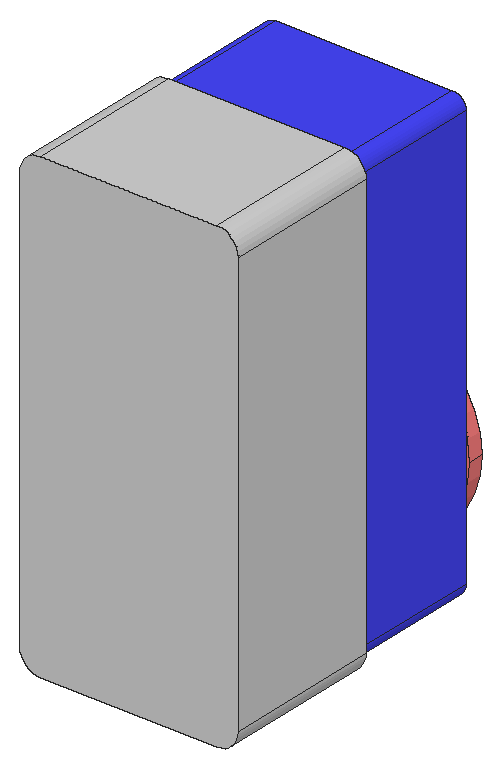
Revit family "Building-IEC309Connections-GEWISS-67IB-INTERLOCKED-SOCKET-OUTLETS_IP67_WITH_BOTTOM", category Apparecchi elettrici, host Muro, Revit 2016 (continued)
Definition of nested family "2D - IB PRESE INTERBLOC VERT + MAGNTERM IP67"
  Lines and regions (mm)
    model lines, in view "Livello rif."
      curve 242: line (-0.935, 158.838, 0) -> (-0.939, 158.071, 0)
      curve 243: line (-0.939, 158.071, 0) -> (0.972, 158.06, 0)
      curve 244: line (0.972, 158.06, 0) -> (0.979, 159.264, 0)
      curve 245: line (0.979, 159.264, 0) -> (1.325, 159.262, 0)
      curve 246: line (1.325, 159.262, 0) -> (1.318, 158.059, 0)
      curve 247: line (1.318, 158.059, 0) -> (2.101, 158.054, 0)
      curve 248: line (2.101, 158.054, 0) -> (2.105, 158.822, 0)
      curve 249: line (-0.202, 149.641, 0) -> (-0.984, 149.645, 0)
      curve 250: line (-0.984, 149.645, 0) -> (-0.976, 151.156, 0)
      curve 251: line (-0.976, 151.156, 0) -> (0.747, 151.548, 0)
      curve 252: line (0.747, 151.548, 0) -> (-0.972, 151.902, 0)
      curve 253: line (-0.972, 151.902, 0) -> (-0.968, 152.707, 0)
      curve 254: line (-0.968, 152.707, 0) -> (0.651, 153.076, 0)
      curve 255: line (0.651, 153.076, 0) -> (-0.964, 153.408, 0)
      curve 256: line (-0.964, 153.408, 0) -> (-0.955, 155.092, 0)
      curve 257: line (-0.955, 155.092, 0) -> (-0.172, 155.087, 0)
      curve 258: line (-0.172, 155.087, 0) -> (-0.178, 154.045, 0)
      curve 259: line (-0.178, 154.045, 0) -> (2.077, 153.581, 0)
      curve 260: line (2.077, 153.581, 0) -> (2.072, 152.758, 0)
      curve 261: line (2.072, 152.758, 0) -> (0.033, 152.294, 0)
      curve 262: line (0.033, 152.294, 0) -> (2.067, 151.875, 0)
      curve 263: line (2.067, 151.875, 0) -> (2.063, 151.046, 0)
      curve 264: line (2.063, 151.046, 0) -> (-0.197, 150.531, 0)
      curve 265: line (-0.197, 150.531, 0) -> (-0.202, 149.641, 0)
      curve 266: line (1.269, 148.911, 0) -> (0.923, 148.913, 0)
      curve 267: line (0.923, 148.913, 0) -> (0.931, 150.342, 0)
      curve 268: line (0.931, 150.342, 0) -> (0.148, 150.346, 0)
      curve 269: line (0.148, 150.346, 0) -> (0.141, 148.917, 0)
      curve 270: line (0.141, 148.917, 0) -> (-0.205, 148.919, 0)
      curve 271: line (-0.205, 148.919, 0) -> (-0.203, 149.295, 0)
      curve 272: line (-0.203, 149.295, 0) -> (-0.986, 149.299, 0)
      curve 273: line (-0.986, 149.299, 0) -> (-0.992, 148.065, 0)
      curve 274: line (-0.992, 148.065, 0) -> (2.047, 148.049, 0)
      curve 275: line (2.047, 148.049, 0) -> (2.059, 150.336, 0)
      curve 276: line (2.059, 150.336, 0) -> (1.277, 150.34, 0)
      curve 277: line (1.277, 150.34, 0) -> (1.269, 148.911, 0)
      curve 278: line (-0.998, 146.945, 0) -> (-0.994, 147.719, 0)
      curve 279: line (-0.994, 147.719, 0) -> (-0.212, 147.715, 0)
      curve 280: line (-0.212, 147.715, 0) -> (-0.218, 146.511, 0)
      curve 281: line (-0.218, 146.511, 0) -> (1.256, 146.503, 0)
      curve 282: line (1.256, 146.503, 0) -> (1.258, 146.849, 0)
      curve 283: line (1.258, 146.849, 0) -> (0.13, 146.855, 0)
      curve 284: line (0.13, 146.855, 0) -> (0.134, 147.713, 0)
      curve 285: line (0.134, 147.713, 0) -> (2.045, 147.703, 0)
      curve 286: line (2.045, 147.703, 0) -> (2.041, 146.934, 0)
      curve 287: line (2.08, 154.293, 0) -> (2.085, 155.075, 0)
      curve 288: line (2.085, 155.075, 0) -> (0.174, 155.086, 0)
      curve 289: line (0.174, 155.086, 0) -> (0.17, 154.303, 0)
      curve 290: line (0.17, 154.303, 0) -> (2.08, 154.293, 0)
Types (23, lengths in mm): name | Tipo Simbolo | Technical sheet | Reference h | Rated voltage: | Rated voltage | Rated current (In) | Rated current (A) | Presa | Potenza | Numero poli | Number of poles | No. of poles | Modello | Immagine tipo | IDT | EAN code | Descrizione | Colour: | Colour
  GW66201N - 16A 2P+E 110V V.INT.SOCK.O.W.B.4H SBF | PRESAINDSTAGNA : 2P | "https://www.gewiss.com/ww/en/search?q=GW66201N" | "4" | "100 - 130 V" | "100 - 130 V" | "16" | "16" | GEWISS - GIALLO | 110 V | 2 | "2P+E" | "2P+E" | "GW66201N" | GW66201N.jpg | "cb72f7f9-7f0a-4201-b84c-91c5823f1453" | "8011564741140" | "16A 2P+E 110V V.INT.SOCK.O.W.B.4H SBF" | "Yellow" | "Yellow"
  GW66202N - 16A 3P+E 110V V.INT.SOCK.O.W.B.4H SBF | PRESAINDSTAGNA : 3P | "https://www.gewiss.com/ww/en/search?q=GW66202N" | "4" | "100 - 130 V" | "100 - 130 V" | "16" | "16" | GEWISS - GIALLO | 110 V | 3 | "3P+E" | "3P+E" | "GW66202N" | GW66201N.jpg | "0dcf502c-be8a-42b9-862e-1ccab0f64fc5" | "8011564741157" | "16A 3P+E 110V V.INT.SOCK.O.W.B.4H SBF" | "Yellow" | "Yellow"
  GW66203N - 16A 3P+N+E 110V V.INT.SOCK.O.W.B.4H SBF | PRESAINDSTAGNA : 3P | "https://www.gewiss.com/ww/en/search?q=GW66203N" | "4" | "100 - 130 V" | "100 - 130 V" | "16" | "16" | GEWISS - GIALLO | 110 V | 3 | "3P+N+E" | "3P+N+E" | "GW66203N" | GW66201N.jpg | "184d86d9-e7c0-408f-9c79-38152dc5fee9" | "8011564741164" | "16A 3P+N+E 110V V.INT.SOCK.O.W.B.4H SBF" | "Yellow" | "Yellow"
  GW66204N - 16A 2P+E 230V V.INT.SOCK.O.W.B.6H SBF | PRESAINDSTAGNA : 2P | "https://www.gewiss.com/ww/en/search?q=GW66204N" | "6" | "200 - 250 V" | "200 - 250 V" | "16" | "16" | GEWISS -BLU | 230 V | 2 | "2P+E" | "2P+E" | "GW66204N" | GW66204N.jpg | "2d209267-ed0d-4b69-82c9-7923641b8c07" | "8011564741171" | "16A 2P+E 230V V.INT.SOCK.O.W.B.6H SBF" | "Blue" | "Blue"
  GW66205N - 16A 3P+E 230V V.INT.SOCK.O.W.B.9H SBF | PRESAINDSTAGNA : 3P | "https://www.gewiss.com/ww/en/search?q=GW66205N" | "9" | "200 - 250 V" | "200 - 250 V" | "16" | "16" | GEWISS -BLU | 230 V | 3 | "3P+E" | "3P+E" | "GW66205N" | GW66204N.jpg | "94303877-47f4-4a12-aa2e-2e71f98f0ca8" | "8011564741188" | "16A 3P+E 230V V.INT.SOCK.O.W.B.9H SBF" | "Blue" | "Blue"
  GW66206N - 16A 3P+N+E 230V V.INT.SOCK.O.W.B.9H SBF | PRESAINDSTAGNA : 3P | "https://www.gewiss.com/ww/en/search?q=GW66206N" | "9" | "200 - 250 V" | "200 - 250 V" | "16" | "16" | GEWISS -BLU | 230 V | 3 | "3P+N+E" | "3P+N+E" | "GW66206N" | GW66204N.jpg | "59d94051-639b-4998-84aa-8bc0263cbf89" | "8011564741195" | "16A 3P+N+E 230V V.INT.SOCK.O.W.B.9H SBF" | "Blue" | "Blue"
  GW66207N - 16A 2P+E 400V V.INT.SOCK.O.W.B.9H SBF | PRESAINDSTAGNA : 2P | "https://www.gewiss.com/ww/en/search?q=GW66207N" | "9" | "380 - 415 V" | "380 - 415 V" | "16" | "16" | GW - ROSSO | 400 V | 2 | "2P+E" | "2P+E" | "GW66207N" | GW66207N.jpg | "16237c7b-8100-457f-99f2-64cdd3f1f873" | "8011564741201" | "16A 2P+E 400V V.INT.SOCK.O.W.B.9H SBF" | "Red" | "Red"
  GW66208N - 16A 3P+E 400V V.INT.SOCK.O.W.B.6H SBF | PRESAINDSTAGNA : 3P | "https://www.gewiss.com/ww/en/search?q=GW66208N" | "6" | "380 - 415 V" | "380 - 415 V" | "16" | "16" | GW - ROSSO | 400 V | 3 | "3P+E" | "3P+E" | "GW66208N" | GW66207N.jpg | "c2f29120-7b4f-480f-8c95-4800a6710925" | "8011564741218" | "16A 3P+E 400V V.INT.SOCK.O.W.B.6H SBF" | "Red" | "Red"
  GW66209N - 16A 3P+N+E 400V V.INT.SOCK.O.W.B.6H SBF | PRESAINDSTAGNA : 3P | "https://www.gewiss.com/ww/en/search?q=GW66209N" | "6" | "380 - 415 V" | "380 - 415 V" | "16" | "16" | GW - ROSSO | 400 V | 3 | "3P+N+E" | "3P+N+E" | "GW66209N" | GW66207N.jpg | "5272793f-973f-4159-b80c-743e6c77a5fb" | "8011564742512" | "16A 3P+N+E 400V V.INT.SOCK.O.W.B.6H SBF" | "Red" | "Red"
  GW66210N - 16A 3P+E 500V V.INT.SOCK.O.W.B.7H SBF | PRESAINDSTAGNA : 3P | "https://www.gewiss.com/ww/en/search?q=GW66210N" | "7" | "480 - 500 V" | "480 - 500 V" | "16" | "16" | GEWISS - NERO | 500 V | 3 | "3P+E" | "3P+E" | "GW66210N" | GW66210N.jpg | "19fd7598-134e-4528-aa06-66329b52d1c4" | "8011564741225" | "16A 3P+E 500V V.INT.SOCK.O.W.B.7H SBF" | "Black" | "Black"
  GW66211N - 16A 3P+N+E 500V V.INT.SOCK.O.W.B.7H SBF | PRESAINDSTAGNA : 3P | "https://www.gewiss.com/ww/en/search?q=GW66211N" | "7" | "480 - 500 V" | "480 - 500 V" | "16" | "16" | GEWISS - NERO | 500 V | 3 | "3P+N+E" | "3P+N+E" | "GW66211N" | GW66210N.jpg | "1291eb7b-8ece-4366-82a7-713bd9d4c5bd" | "8011564741232" | "16A 3P+N+E 500V V.INT.SOCK.O.W.B.7H SBF" | "Black" | "Black"
  GW66212N - 32A 2P+E 110V V.INT.SOCK.O.W.B.4H SBF | PRESAINDSTAGNA : 2P | "https://www.gewiss.com/ww/en/search?q=GW66212N" | "4" | "100 - 130 V" | "100 - 130 V" | "32" | "32" | GEWISS - GIALLO | 110 V | 2 | "2P+E" | "2P+E" | "GW66212N" | GW66201N.jpg | "a7014485-88cd-4663-90c1-d45883ee1a3e" | "8011564741249" | "32A 2P+E 110V V.INT.SOCK.O.W.B.4H SBF" | "Yellow" | "Yellow"
  GW66213N - 32A 3P+E 110V V.INT.SOCK.O.W.B.4H SBF | PRESAINDSTAGNA : 3P | "https://www.gewiss.com/ww/en/search?q=GW66213N" | "4" | "100 - 130 V" | "100 - 130 V" | "32" | "32" | GEWISS - GIALLO | 110 V | 3 | "3P+E" | "3P+E" | "GW66213N" | GW66201N.jpg | "773868ec-4e90-4d60-993f-5d3613b83e74" | "8011564741256" | "32A 3P+E 110V V.INT.SOCK.O.W.B.4H SBF" | "Yellow" | "Yellow"
  GW66214N - 32A 3P+N+E 110V V.INT.SOCK.O.W.B.4H SBF | PRESAINDSTAGNA : 3P | "https://www.gewiss.com/ww/en/search?q=GW66214N" | "4" | "100 - 130 V" | "100 - 130 V" | "32" | "32" | GEWISS - GIALLO | 110 V | 3 | "3P+N+E" | "3P+N+E" | "GW66214N" | GW66201N.jpg | "73b4fe93-8f5d-489d-b8ff-9db2277967e4" | "8011564741263" | "32A 3P+N+E 110V V.INT.SOCK.O.W.B.4H SBF" | "Yellow" | "Yellow"
  GW66215N - 32A 2P+E 230V V.INT.SOCK.O.W.B.6H SBF | PRESAINDSTAGNA : 2P | "https://www.gewiss.com/ww/en/search?q=GW66215N" | "6" | "200 - 250 V" | "200 - 250 V" | "32" | "32" | GEWISS -BLU | 230 V | 2 | "2P+E" | "2P+E" | "GW66215N" | GW66204N.jpg | "7c5a2dbc-7661-409a-8cde-4fe3c43c9152" | "8011564742529" | "32A 2P+E 230V V.INT.SOCK.O.W.B.6H SBF" | "Blue" | "Blue"
  GW66216N - 32A 3P+E 230V V.INT.SOCK.O.W.B.9H SBF | PRESAINDSTAGNA : 3P | "https://www.gewiss.com/ww/en/search?q=GW66216N" | "9" | "200 - 250 V" | "200 - 250 V" | "32" | "32" | GEWISS -BLU | 230 V | 3 | "3P+E" | "3P+E" | "GW66216N" | GW66204N.jpg | "75a60151-02e0-469f-b5ab-243369899699" | "8011564741270" | "32A 3P+E 230V V.INT.SOCK.O.W.B.9H SBF" | "Blue" | "Blue"
  GW66217N - 32A 3P+N+E 230V V.INT.SOCK.O.W.B.9H SBF | PRESAINDSTAGNA : 3P | "https://www.gewiss.com/ww/en/search?q=GW66217N" | "9" | "200 - 250 V" | "200 - 250 V" | "32" | "32" | GEWISS -BLU | 230 V | 3 | "3P+N+E" | "3P+N+E" | "GW66217N" | GW66204N.jpg | "5c5219e3-570c-4b37-9c26-ccd0f91db2a3" | "8011564741287" | "32A 3P+N+E 230V V.INT.SOCK.O.W.B.9H SBF" | "Blue" | "Blue"
  GW66218N - 32A 2P+E 400V V.INT.SOCK.O.W.B.9H SBF | PRESAINDSTAGNA : 2P | "https://www.gewiss.com/ww/en/search?q=GW66218N" | "9" | "380 - 415 V" | "380 - 415 V" | "32" | "32" | GW - ROSSO | 400 V | 2 | "2P+E" | "2P+E" | "GW66218N" | GW66207N.jpg | "a4f0a363-67a0-45a1-9c56-2c7c671ed975" | "8011564741294" | "32A 2P+E 400V V.INT.SOCK.O.W.B.9H SBF" | "Red" | "Red"
  GW66219N - 32A 3P+E 400V V.INT.SOCK.O.W.B.6H SBF | PRESAINDSTAGNA : 3P | "https://www.gewiss.com/ww/en/search?q=GW66219N" | "6" | "380 - 415 V" | "380 - 415 V" | "32" | "32" | GW - ROSSO | 400 V | 3 | "3P+E" | "3P+E" | "GW66219N" | GW66207N.jpg | "1c875823-1061-4501-9153-9b2197ee7e05" | "8011564741300" | "32A 3P+E 400V V.INT.SOCK.O.W.B.6H SBF" | "Red" | "Red"
  GW66220N - 32A 3P+N+E 400V V.INT.SOCK.O.W.B.6H SBF | PRESAINDSTAGNA : 3P | "https://www.gewiss.com/ww/en/search?q=GW66220N" | "6" | "380 - 415 V" | "380 - 415 V" | "32" | "32" | GW - ROSSO | 400 V | 3 | "3P+N+E" | "3P+N+E" | "GW66220N" | GW66207N.jpg | "c5cbd72d-c6c8-4fd0-95f8-4c2e169d80bd" | "8011564742536" | "32A 3P+N+E 400V V.INT.SOCK.O.W.B.6H SBF" | "Red" | "Red"
  GW66221N - 32A 3P+E 500V V.INT.SOCK.O.W.B.7H SBF | PRESAINDSTAGNA : 3P | "https://www.gewiss.com/ww/en/search?q=GW66221N" | "7" | "480 - 500 V" | "480 - 500 V" | "32" | "32" | GEWISS - NERO | 500 V | 3 | "3P+E" | "3P+E" | "GW66221N" | GW66210N.jpg | "7d925fd4-6606-4eae-84f8-1c0747b0b52f" | "8011564741317" | "32A 3P+E 500V V.INT.SOCK.O.W.B.7H SBF" | "Black" | "Black"
  GW66222N - 32A 3P+N+E 500V V.INT.SOCK.O.W.B.7H SBF | PRESAINDSTAGNA : 3P | "https://www.gewiss.com/ww/en/search?q=GW66222N" | "7" | "480 - 500 V" | "480 - 500 V" | "32" | "32" | GEWISS - NERO | 500 V | 3 | "3P+N+E" | "3P+N+E" | "GW66222N" | GW66210N.jpg | "18a484ed-e1bc-4810-9d09-e7b52835ea61" | "8011564741324" | "32A 3P+N+E 500V V.INT.SOCK.O.W.B.7H SBF" | "Black" | "Black"
  GW66257N - 32A 3P+E 380V V.INT.SOCK.O.W.B.3H SBF | PRESAINDSTAGNA : 3P | "https://www.gewiss.com/ww/en/search?q=GW66257N" | "3" | "380 - 440 V" | "380 - 440 V" | "32" | "32" | GW - ROSSO | 400 V | 3 | "3P+E" | "3P+E" | "GW66257N" | GW66207N.jpg | "80fd8aa3-f4ad-4bf9-871a-178f60767a59" | "8011564741522" | "32A 3P+E 380V V.INT.SOCK.O.W.B.3H SBF" | "Red" | "Red"
